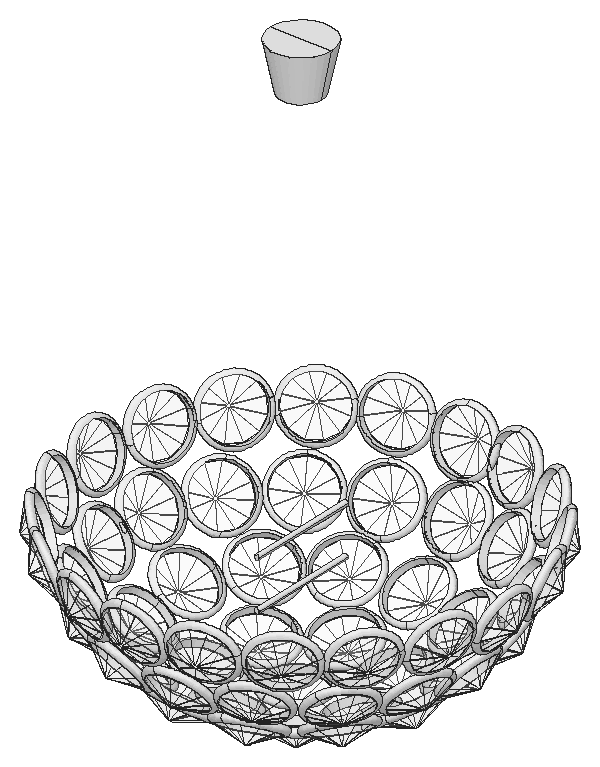
Revit family
Parameters (values of type "Incandescente 60 W")
  Тип линзы = Елемент STILLUX : Серебро
  Wattage Comments = "60"
  Wattage = 60 W
  built-in parameter 1150110 = 1 (stored number, unit not read)
  built-in parameter 1114217 = 1 (stored number, unit not read)
  built-in parameter 1150109 = 1 (stored number, unit not read)
  built-in parameter 1150134 = 4
  built-in parameter 1150113 = 1 (stored number, unit not read)
  Tilt Angle = 90.00°
  built-in parameter 1010507 = 1.5708 (stored number, unit not read)
  built-in parameter 1010506 = 0.5236 (stored number, unit not read)
  Lumens = 720 lm
  built-in parameter 1150115 = 1 (stored number, unit not read)
  built-in parameter 1150105 = 2407.4 (stored number, unit not read)
  Light Source Symbol Length = 3048 mm
  built-in parameter 1150137 = (empty or 0)
  built-in parameter 1150139 = (empty or 0)
  built-in parameter 1150112 = 1 (stored number, unit not read)
  built-in parameter 1150114 = 1 (stored number, unit not read)
  Hauteur interne = 10 mm
  Rayon_1 = 135 mm
  Rayon = 129.5 mm
  Hauteur de la mise en place [instance] = 600 mm
  Matériau = 503. Metall serebro
  Manufacturer = ""
  Lamp = "Incandescente"
  built-in parameter 1150132 = (empty or 0)
  built-in parameter 1150102 = (empty or 0)
  built-in parameter 1150138 = (empty or 0)
  built-in parameter 1150107 = 2800 (stored number, unit not read)
  built-in parameter 1150106 = 24.074 (stored number, unit not read)
  built-in parameter 1150104 = 1.1148 (stored number, unit not read)
  Dimming Lamp Color Temperature Shift = (empty or 0)
  Description = ""
  Color Filter = 16777215
  built-in parameter 1114218 = 1 (stored number, unit not read)
  built-in parameter 1150133 = 10 (stored number, unit not read)
  Assembly Code = "D5020220"
Reference planes
  plane 1 "Axe de la source d'éclairage (av./arr.)": y = 0
  plane 2: z = 0
  plane 3 "Axe de la source d'éclairage (G/D)": x = 0
  plane 4 "Plafond": z = 3000
  plane 5 "Elévation de la source d'éclairage": z = 2400
  plane 6: z = 2468
  plane 7: z = 2410
Forms (mm)
  Revolve 1, solid, material "503. Metall serebro" <- "Matériau"
    sketch origin (0, 0, 0) x (1, 0, 0) y (0, 0, 1)
      loop
        line (0, 3000) -> (-37, 3000) -> (-25, 2943) -> (-5, 2943) -> (-5, 2938) -> (0, 2938) -> (0, 3000)
      axis (0, 2938) -> (0, 3000)
    angle from 0 to 360
  Extrusion 2, solid, material "503. Metall serebro" <- "Matériau"
    sketch origin (0, 0, 0) x (1, 0, 0) y (0, 0, 1)
      loop
        circle (0, 2410) r 3
      loop
        circle (0, 2468) r 3
    from -67.004 to 66.851
  Revolve 3, void
    sketch origin (0, 0, 0) x (1, 0, 0) y (0, 0, 1)
      loop
        line (0, 2500) -> (0, 2300)
        arc (0, 2300) -> (163.059, 2352.426) -> (250, 2500) r 240.763
        line (250, 2500) -> (0, 2500)
      axis (0, 2500) -> (0, 2300)
    angle from 0 to 360
Lines and regions (mm)
  Masking region 1
    outline origin (0, 0, 2400) x (-1, 0, 0) y (0, -1, 0)
      loop
        circle (0, 0) r 270
  model lines
    curve 1: line (0, 0, 2938) -> (0, 0, 2528)
  symbolic lines
    curve 2: line (0, 0, 2400) -> (190.919, 190.919, 2400)
    curve 3: line (0, 0, 2400) -> (-190.919, -190.919, 2400)
    curve 4: line (0, 0, 2400) -> (-190.919, 190.919, 2400)
    curve 5: line (0, 0, 2400) -> (190.919, -190.919, 2400)
Dimensions and locks
  equal spacing: host sketch curve, plane 3 "Axe de la source d'éclairage (G/D)", host sketch curve
  equal spacing: host sketch curve, plane 1 "Axe de la source d'éclairage (av./arr.)", host sketch curve
  host sketch curve to host sketch curve = 4000 mm  (x2)
  locked: plane 4 "Plafond" to host ceiling at 0
  locked: Revolve 1 sketch curve to Revolve 1 sketch curve at 57
  plane 7 to plane 6 = 58 mm
  "Hauteur interne": plane 5 "Elévation de la source d'éclairage" to plane 7
  "Hauteur de la mise en place": plane 5 "Elévation de la source d'éclairage" to plane 4 "Plafond"
  radius of Masking region 1 sketch curve = 270 mm
  aligned and locked: plane 3 "Axe de la source d'éclairage (G/D)" to Revolve 1 sketch curve
  aligned and locked: plane 4 "Plafond" to Revolve 1 sketch curve
  aligned and locked: curve 1 to Revolve 1
  aligned and locked: imposter light to plane 3 "Axe de la source d'éclairage (G/D)"
  aligned and locked: plane 1 "Axe de la source d'éclairage (av./arr.)" to imposter light
  aligned and locked: plane 5 "Elévation de la source d'éclairage" to imposter light
  aligned and locked: plane 3 "Axe de la source d'éclairage (G/D)" to Revolve 3 sketch curve
  aligned: plane 6 to curve 1
Automatic sketch dimensions
  curve 1 to plane 5 "Elévation de la source d'éclairage" = 128 mm
  plane 4 "Plafond" to curve 1 = 62 mm
  Revolve 1 sketch curve to plane 3 "Axe de la source d'éclairage (G/D)" = 0 mm
  Revolve 1 sketch curve to plane 3 "Axe de la source d'éclairage (G/D)" = 5 mm
  Revolve 1 sketch curve to Revolve 1 sketch curve = 20 mm
  Revolve 1 sketch curve to Revolve 1 sketch curve = 37 mm
  Revolve 1 sketch curve to Revolve 1 sketch curve = 5 mm
  Revolve 1 sketch curve to level = 358.228 mm
  Revolve 1 sketch curve to plane 4 "Plafond" = 362.185 mm
  Extrusion 2 sketch curve to plane 3 "Axe de la source d'éclairage (G/D)" = 0 mm  (x2)
  Extrusion 2 sketch curve to plane 7 = 0 mm
  Extrusion 2 sketch curve to plane 6 = 0 mm
  plane 1 "Axe de la source d'éclairage (av./arr.)" to Masking region 1 sketch curve = 0 mm
  Masking region 1 sketch curve to plane 3 "Axe de la source d'éclairage (G/D)" = 0 mm
  Revolve 3 sketch curve to plane 3 "Axe de la source d'éclairage (G/D)" = 0 mm
  plane 3 "Axe de la source d'éclairage (G/D)" to Revolve 3 sketch curve = 12.656 mm
  Revolve 3 sketch curve to plane 5 "Elévation de la source d'éclairage" = 100 mm
  Revolve 3 sketch curve to Revolve 3 sketch curve = 237.344 mm
  plane 5 "Elévation de la source d'éclairage" to Revolve 3 sketch curve = 100 mm
  Revolve 3 sketch curve to Revolve 3 sketch curve = 12.43 mm
  plane 4 "Plafond" to Revolve 3 sketch curve = 225 mm
  plane 1 "Axe de la source d'éclairage (av./arr.)" to curve 3 = 0 mm
  curve 3 to plane 3 "Axe de la source d'éclairage (G/D)" = 0 mm
  plane 3 "Axe de la source d'éclairage (G/D)" to curve 5 = 190.919 mm
  plane 3 "Axe de la source d'éclairage (G/D)" to curve 2 = 190.919 mm
  curve 4 to plane 3 "Axe de la source d'éclairage (G/D)" = 190.919 mm
  curve 3 to plane 3 "Axe de la source d'éclairage (G/D)" = 190.919 mm
  curve 4 to plane 1 "Axe de la source d'éclairage (av./arr.)" = 190.919 mm
  curve 2 to plane 1 "Axe de la source d'éclairage (av./arr.)" = 190.919 mm
  radius of Extrusion 2 sketch curve = 3 mm  (x2)
Nested families
  nested 1: "Елемент STILLUX" at (-241.521, -1.514, 2465.695) x (0.0757, -0.9741, -0.213) z (-0.9506, -0.006, -0.3104), type "Серебро"
    with Стекло 504. Steklo beloe
  nested 2: "Елемент STILLUX" at (239.551, -2.324, 2459.929) x (-0.084, -0.9741, -0.21) z (0.9424, -0.0091, -0.3344), type "Серебро"
    with Стекло 504. Steklo beloe
  nested 3: "Елемент STILLUX" at (-5.18, -241.175, 2464.798) x (-0.093, -0.311, 0.9458) z (-0.0204, -0.9492, -0.3141), type "Серебро"
    with Стекло 504. Steklo beloe
  nested 4: "Елемент STILLUX" at (2.877, 239.548, 2459.939) x (-0.0958, 0.3338, 0.9378) z (0.0113, 0.9424, -0.3343), type "Серебро"
    with Стекло 504. Steklo beloe
  nested 5: "Елемент STILLUX" at (-72.029, 230.538, 2465.702) x (-0.9095, -0.357, -0.213) z (-0.2835, 0.9074, -0.3104), type "Серебро"
    with Стекло 504. Steklo beloe
  nested 6: "Елемент STILLUX" at (69.198, -231.398, 2465.687) x (-0.9536, -0.2126, -0.213) z (0.2724, -0.9107, -0.3104), type "Серебро"
    with Стекло 504. Steklo beloe
  nested 7: "Елемент STILLUX" at (-228.154, -77.078, 2463.574) x (-0.3349, -0.0003, 0.9422) z (-0.8978, -0.3033, -0.3192), type "Серебро"
    with Стекло 504. Steklo beloe
  nested 8: "Елемент STILLUX" at (226.76, 76.758, 2459.471) x (0.2909, 0.1858, 0.9385) z (0.892, 0.302, -0.3363), type "Серебро"
    with Стекло 504. Steklo beloe
  nested 9: "Елемент STILLUX" at (-72.68, -230.147, 2465.161) x (-0.1809, -0.2694, 0.9459) z (-0.286, -0.9058, -0.3126), type "Серебро"
    with Стекло 504. Steklo beloe
  nested 10: "Елемент STILLUX" at (70.499, 229.046, 2460.177) x (0.0061, 0.3453, 0.9385) z (0.2774, 0.9011, -0.3333), type "Серебро"
    with Стекло 504. Steklo beloe
  nested 11: "Елемент STILLUX" at (-140.01, 196.794, 2465.669) x (-0.7539, -0.6216, -0.2126) z (-0.5511, 0.7745, -0.3105), type "Серебро"
    with Стекло 504. Steklo beloe
  nested 12: "Елемент STILLUX" at (137.05, -198.888, 2465.722) x (-0.842, -0.4959, -0.2126) z (0.5394, -0.7828, -0.3103), type "Серебро"
    with Стекло 504. Steklo beloe
  nested 13: "Елемент STILLUX" at (-194.826, -142.11, 2464.548) x (-0.314, -0.1016, 0.944) z (-0.7667, -0.5593, -0.3152), type "Серебро"
    with Стекло 504. Steklo beloe
  nested 14: "Елемент STILLUX" at (193.425, 141.327, 2459.908) x (0.2179, 0.2665, 0.9389) z (0.7609, 0.556, -0.3344), type "Серебро"
    with Стекло 504. Steklo beloe
  nested 15: "Елемент STILLUX" at (-194.374, 143.54, 2466.014) x (-0.5236, -0.8251, -0.2121) z (-0.765, 0.565, -0.3091), type "Серебро"
    with Стекло 504. Steklo beloe
  nested 16: "Елемент STILLUX" at (191.378, -147.169, 2465.377) x (-0.6493, -0.7304, -0.2119) z (0.7532, -0.5792, -0.3117), type "Серебро"
    with Стекло 504. Steklo beloe
  nested 17: "Елемент STILLUX" at (-144.891, -193.063, 2465.266) x (-0.2632, -0.191, 0.9456) z (-0.5702, -0.7598, -0.3122), type "Серебро"
    with Стекло 504. Steklo beloe
  nested 18: "Елемент STILLUX" at (141.401, 193.408, 2459.992) x (0.1246, 0.3212, 0.9388) z (0.5563, 0.7609, -0.3341), type "Серебро"
    with Стекло 504. Steklo beloe
  nested 19: "Елемент STILLUX" at (-228.913, 77.01, 2465.677) x (-0.2449, -0.9459, -0.2127) z (-0.901, 0.3031, -0.3105), type "Серебро"
    with Стекло 504. Steklo beloe
  nested 20: "Елемент STILLUX" at (227.81, -80.251, 2465.713) x (-0.3893, -0.8962, -0.2128) z (0.8966, -0.3159, -0.3103), type "Серебро"
    with Стекло 504. Steklo beloe
  nested 21: "Елемент STILLUX" at (-56.872, -196.662, 2395.246) x (-0.3068, -0.5322, 0.7891) z (-0.2216, -0.7663, -0.603), type "Серебро"
    with Стекло 504. Steklo beloe
  nested 22: "Елемент STILLUX" at (21.036, -205.783, 2398.116) x (-0.3069, -0.5846, 0.751) z (0.082, -0.8024, -0.5911), type "Серебро"
    with Стекло 504. Steklo beloe
  nested 23: "Елемент STILLUX" at (95.06, -186.929, 2402.097) x (-0.2735, -0.6771, 0.6831) z (0.371, -0.7295, -0.5746), type "Серебро"
    with Стекло 504. Steklo beloe
  nested 24: "Елемент STILLUX" at (155.438, -136.052, 2397.727) x (-0.1186, -0.7971, 0.5921) z (0.6061, -0.5305, -0.5927), type "Серебро"
    with Стекло 504. Steklo beloe
  nested 25: "Елемент STILLUX" at (-125.721, -161.968, 2395.664) x (-0.3007, -0.525, 0.7962) z (-0.4899, -0.6312, -0.6013), type "Серебро"
    with Стекло 504. Steklo beloe
  nested 26: "Елемент STILLUX" at (-178.01, -104.745, 2397.687) x (-0.3417, -0.538, 0.7706) z (-0.6941, -0.4084, -0.5929), type "Серебро"
    with Стекло 504. Steklo beloe
  nested 27: "Елемент STILLUX" at (-56.872, 196.662, 2395.246) x (-0.3068, 0.5322, 0.7891) z (-0.2216, 0.7663, -0.603), type "Серебро"
    with Стекло 504. Steklo beloe
  nested 28: "Елемент STILLUX" at (21.036, 205.783, 2398.116) x (-0.3069, 0.5846, 0.751) z (0.082, 0.8024, -0.5911), type "Серебро"
    with Стекло 504. Steklo beloe
  nested 29: "Елемент STILLUX" at (95.06, 186.929, 2402.097) x (-0.2735, 0.6771, 0.6831) z (0.371, 0.7295, -0.5746), type "Серебро"
    with Стекло 504. Steklo beloe
  nested 30: "Елемент STILLUX" at (155.438, 136.052, 2397.727) x (-0.1186, 0.7971, 0.5921) z (0.6061, 0.5305, -0.5927), type "Серебро"
    with Стекло 504. Steklo beloe
  nested 31: "Елемент STILLUX" at (-125.721, 161.968, 2395.664) x (-0.3007, 0.525, 0.7962) z (-0.4899, 0.6312, -0.6013), type "Серебро"
    with Стекло 504. Steklo beloe
  nested 32: "Елемент STILLUX" at (-178.01, 104.745, 2397.687) x (-0.3417, 0.538, 0.7706) z (-0.6941, 0.4084, -0.5929), type "Серебро"
    with Стекло 504. Steklo beloe
  nested 33: "Елемент STILLUX" at (-207.323, 36.251, 2403.182) x (-0.412, 0.5549, 0.7227) z (-0.8093, 0.1415, -0.5701), type "Серебро"
    with Стекло 504. Steklo beloe
  nested 34: "Елемент STILLUX" at (-205.717, -35.533, 2400.756) x (-0.5473, 0.5578, 0.624) z (-0.8026, -0.1386, -0.5801), type "Серебро"
    with Стекло 504. Steklo beloe
  nested 35: "Елемент STILLUX" at (190.817, 66.621, 2391.86) x (0.4091, 0.5538, 0.7253) z (0.7429, 0.2594, -0.6171), type "Серебро"
    with Стекло 504. Steklo beloe
  nested 36: "Елемент STILLUX" at (201.912, -5.611, 2391.704) x (0.5222, 0.5582, 0.6448) z (0.7861, -0.0218, -0.6177), type "Серебро"
    with Стекло 504. Steklo beloe
  nested 37: "Елемент STILLUX" at (193.584, -70.257, 2396.874) x (0.6359, 0.5291, 0.5618) z (0.7546, -0.2739, -0.5963), type "Серебро"
    with Стекло 504. Steklo beloe
  nested 38: "Елемент STILLUX" at (18.372, 150.279, 2343.662) x (-0.3125, 0.7906, 0.5266) z (0.0699, 0.572, -0.8173), type "Серебро"
    with Стекло 504. Steklo beloe
  nested 39: "Елемент STILLUX" at (89.221, 127.919, 2346.96) x (-0.2689, 0.8695, 0.4143) z (0.3405, 0.4882, -0.8036), type "Серебро"
    with Стекло 504. Steklo beloe
  nested 40: "Елемент STILLUX" at (132.37, 64.255, 2340.729) x (-0.1817, 0.9677, 0.1745) z (0.5025, 0.2439, -0.8295), type "Серебро"
    with Стекло 504. Steklo beloe
  nested 41: "Елемент STILLUX" at (-59.08, 140.857, 2344.619) x (0.2852, 0.8344, 0.4716) z (-0.2251, 0.5366, -0.8133), type "Серебро"
    with Стекло 504. Steklo beloe
  nested 42: "Елемент STILLUX" at (-120.216, 95.61, 2345.234) x (0.2375, 0.9291, 0.2834) z (-0.4582, 0.3644, -0.8107), type "Серебро"
    with Стекло 504. Steklo beloe
  nested 43: "Елемент STILLUX" at (-155.77, 25.698, 2348.394) x (0.1188, 0.9924, 0.0335) z (-0.5951, 0.0982, -0.7976), type "Серебро"
    with Стекло 504. Steklo beloe
  nested 44: "Елемент STILLUX" at (53.408, -143.35, 2344.785) x (-0.1825, -0.8366, 0.5166) z (0.2035, -0.5461, -0.8126), type "Серебро"
    with Стекло 504. Steklo beloe
  nested 45: "Елемент STILLUX" at (-26.691, -148.262, 2343.134) x (0.4134, -0.7732, 0.481) z (-0.1015, -0.5641, -0.8195), type "Серебро"
    with Стекло 504. Steklo beloe
  nested 46: "Елемент STILLUX" at (-97.066, -114.22, 2342.61) x (0.3834, -0.8765, 0.2911) z (-0.3691, -0.4344, -0.8216), type "Серебро"
    with Стекло 504. Steklo beloe
  nested 47: "Елемент STILLUX" at (-146.436, -51.431, 2346.403) x (0.2778, -0.9598, 0.0411) z (-0.5586, -0.1962, -0.8059), type "Серебро"
    with Стекло 504. Steklo beloe
  nested 48: "Елемент STILLUX" at (122.723, -96.243, 2346.96) x (-0.003, -0.9101, 0.4143) z (0.4684, -0.3673, -0.8036), type "Серебро"
    with Стекло 504. Steklo beloe
  nested 49: "Елемент STILLUX" at (145.372, -22.746, 2340.729) x (0.1091, -0.9786, 0.1745) z (0.5519, -0.0863, -0.8295), type "Серебро"
    with Стекло 504. Steklo beloe
  nested 50: "Елемент STILLUX" at (-16.177, 85.464, 2311.427) x (0.2834, 0.9185, 0.2758) z (-0.0574, 0.3033, -0.9512), type "Серебро"
    with Стекло 504. Steklo beloe
  nested 51: "Елемент STILLUX" at (58.166, 64.216, 2311.317) x (0.2771, 0.9191, 0.2801) z (0.2063, 0.2278, -0.9516), type "Серебро"
    with Стекло 504. Steklo beloe
  nested 52: "Елемент STILLUX" at (76.619, -7.752, 2308.427) x (0.2821, 0.958, 0.0511) z (0.2659, -0.0269, -0.9636), type "Серебро"
    with Стекло 504. Steklo beloe
  nested 53: "Елемент STILLUX" at (55.659, -76.484, 2314.038) x (0.3294, 0.9228, -0.1999) z (0.2002, -0.2752, -0.9403), type "Серебро"
    with Стекло 504. Steklo beloe
  nested 54: "Елемент STILLUX" at (-78.549, 39.512, 2311.736) x (0.2368, 0.9688, 0.0737) z (-0.2793, 0.1405, -0.9499), type "Серебро"
    with Стекло 504. Steklo beloe
  nested 55: "Елемент STILLUX" at (-82.723, -35.558, 2312.442) x (0.1887, 0.9639, -0.188) z (-0.2953, -0.1269, -0.9469), type "Серебро"
    with Стекло 504. Steklo beloe
  nested 56: "Елемент STILLUX" at (-20.815, -80.809, 2310.31) x (0.1833, 0.9382, -0.2936) z (-0.0733, -0.2847, -0.9558), type "Серебро"
    with Стекло 504. Steklo beloe
  nested 57: "Елемент STILLUX" at (-8.758, 2.317, 2299.694) x (0.194, 0.981, -0.0009) z (0.0144, -0.0038, -0.9999), type "Серебро"
    with Стекло 504. Steklo beloe
Definition of nested family "Елемент STILLUX"
  Parameters (values of type "Золото")
    Стекло [instance] = 504. Steklo yellou
    Default Elevation = 1219.2 mm
    Ободок = 503. Metall zoloto
  Types (3, lengths in mm): name | Стекло | Ободок
    (no name) | 504. Steklo yellou | 503. Metall zoloto
    Золото | 504. Steklo yellou | 503. Metall zoloto
    Серебро | 503. Metall serebro | 503. Metall serebro
  Reference planes
    plane 1 "По центру (Вперед/Назад)": y = 0
    plane 2: z = 0
    plane 3 "По центру (Влево/Вправо)": x = 0
  Forms (mm)
    Extrusion 1, solid
      sketch origin (0, 0, 0) x (1, 0, 0) y (0, 1, 0)
        loop
          line (-1219.2, 1219.2) -> (-1219.2, -1219.2) -> (1219.2, -1219.2) -> (1219.2, 1219.2) -> (-1219.2, 1219.2)
      from 0 to -304.8
    Revolve 2, solid, material "503. Metall zoloto" <- "Ободок"
      sketch origin (0, 0, 0) x (1, 0, 0) y (0, 0, 1)
        loop
          line (-35, 0.363) -> (-35, 9.637)
          spline (-35, 9.637) -> (-36.404, 9.179) -> (-37.637, 8.558) -> (-38.649, 7.797) -> (-39.402, 6.928) -> (-39.865, 5.983) -> (-40.022, 5) -> (-39.865, 4.017) -> (-39.402, 3.072) -> (-38.649, 2.203) -> (-37.637, 1.442) -> (-36.404, 0.821) -> (-35, 0.363)
        axis (0, 9.637) -> (0, 0.363)
      angle from 0 to 360
    SweptBlend 3, solid, material "504. Steklo yellou" <- "Стекло"
      path origin (0, 0, 0) x (1, 0, 0) y (0, 0, 1)
        loop
          line (0, 10) -> (0, 25)
      profile origin (0, 0, 10) x (-1, 0, 0) y (0, -1, 0)
        loop
          line (35, 0) -> (30.311, 17.5) -> (17.5, 30.311) -> (0, 35) -> (-17.5, 30.311) -> (-30.311, 17.5) -> (-35, 0) -> (-30.311, -17.5) -> (-17.5, -30.311) -> (0, -35) -> (17.5, -30.311) -> (30.311, -17.5) -> (35, 0)
      end profile origin (0, 0, 25) x (-1, 0, 0) y (0, -1, 0)
        loop
          line (0, -2) -> (1, -1.732) -> (1.732, -1) -> (2, 0) -> (1.732, 1) -> (1, 1.732) -> (0, 2) -> (-1, 1.732) -> (-1.732, 1) -> (-2, 0) -> (-1.732, -1) -> (-1, -1.732) -> (0, -2)
  Dimensions and locks
    aligned and locked: plane 2 to Extrusion 1
    aligned and locked: level to Extrusion 1
